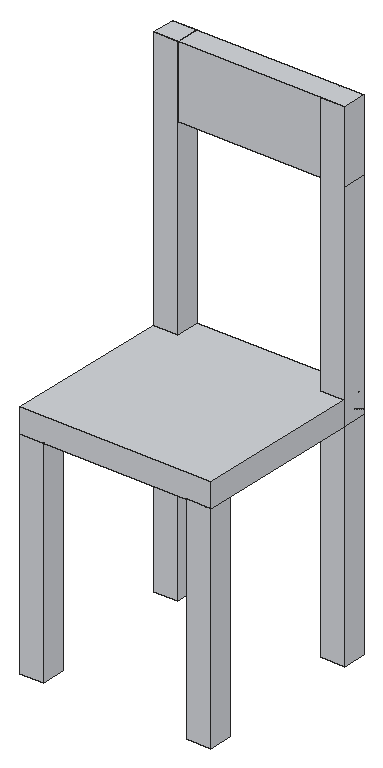
Revit family
Parameters
  Spalliera = 600 mm
  Profondità = 400 mm
  Larghezza [instance] = 400 mm
  Gambe = 50 mm
  Bordo = 150 mm
  Altezza gambe [instance] = 450 mm
Reference planes
  plane 1 "Centro (Fronte/Retro)": y = 0
  plane 2: z = 0
  plane 3 "Centro (Sinistra/Destra)": x = 0
  plane 4: y = 184.683
  plane 5: x = 200
  plane 6: y = -215.317
  plane 7: x = -200
  plane 8: y = 134.683
  plane 9: y = -165.317
  plane 10: x = -150
  plane 11: x = 150
  plane 12: z = 600
  plane 13: z = 450
  plane 14: z = 50
  plane 15: z = -450
Forms (mm)
  Extrusion 1, solid
    sketch origin (0, 0, 0) x (1, 0, 0) y (0, 1, 0)
      loop
        line (-200, 184.683) -> (-200, -215.317) -> (200, -215.317) -> (200, 184.683) -> (-200, 184.683)
    from 0 to 50
  Extrusion 2, solid
    sketch origin (0, 0, 0) x (1, 0, 0) y (0, 1, 0)
      loop
        line (-200, 184.683) -> (-200, 134.683) -> (-150, 134.683) -> (-150, 184.683) -> (-200, 184.683)
      loop
        line (150, 184.683) -> (150, 134.683) -> (200, 134.683) -> (200, 184.683) -> (150, 184.683)
      loop
        line (-200, -165.317) -> (-200, -215.317) -> (-150, -215.317) -> (-150, -165.317) -> (-200, -165.317)
      loop
        line (150, -165.317) -> (150, -215.317) -> (200, -215.317) -> (200, -165.317) -> (150, -165.317)
    from 0 to -450
  Extrusion 3, solid
    sketch origin (0, 0, 0) x (1, 0, 0) y (0, 1, 0)
      loop
        line (-200, 184.683) -> (-200, 134.683) -> (-150, 134.683) -> (-150, 184.683) -> (-200, 184.683)
      loop
        line (150, 184.683) -> (150, 134.683) -> (200, 134.683) -> (200, 184.683) -> (150, 184.683)
    from 0 to 600
  Extrusion 4, solid
    sketch origin (0, 0, 0) x (1, 0, 0) y (0, 0, 1)
      loop
        line (200, 600) -> (-200, 600) -> (-200, 450) -> (200, 450) -> (200, 600)
    from -184.683 to -134.683
Dimensions and locks
  "Gambe": plane 4 to plane 8
  "Gambe": plane 9 to plane 6
  "Gambe": plane 7 to plane 10
  "Gambe": plane 11 to plane 5
  "Larghezza": plane 7 to plane 5
  "Profondità": plane 6 to plane 4
  "Spalliera": level to plane 12
  "Bordo": plane 13 to plane 12
  "Altezza gambe": level to plane 15
  aligned and locked: Extrusion 1 sketch curve to plane 4
  aligned and locked: Extrusion 1 sketch curve to plane 7
  aligned and locked: Extrusion 1 sketch curve to plane 5
  aligned and locked: Extrusion 1 sketch curve to plane 6
  aligned and locked: Extrusion 2 sketch curve to plane 4  (x2)
  aligned and locked: Extrusion 2 sketch curve to plane 10  (x2)
  aligned and locked: plane 8 to Extrusion 2 sketch curve  (x2)
  aligned and locked: Extrusion 2 sketch curve to plane 7  (x2)
  aligned and locked: plane 11 to Extrusion 2 sketch curve  (x2)
  aligned and locked: Extrusion 2 sketch curve to plane 5  (x2)
  aligned and locked: Extrusion 2 sketch curve to plane 9
  aligned and locked: Extrusion 2 sketch curve to plane 6
  aligned and locked: Extrusion 3 sketch curve to plane 7
  aligned and locked: Extrusion 3 sketch curve to plane 10
  aligned and locked: Extrusion 3 sketch curve to plane 4  (x2)
  aligned and locked: plane 8 to Extrusion 3 sketch curve  (x2)
  aligned and locked: plane 11 to Extrusion 3 sketch curve
  aligned and locked: Extrusion 3 sketch curve to plane 5
  aligned and locked: plane 12 to Extrusion 3
  aligned and locked: Extrusion 4 sketch curve to plane 12
  aligned and locked: Extrusion 4 sketch curve to plane 5
  aligned and locked: Extrusion 4 sketch curve to plane 7
  aligned and locked: plane 13 to Extrusion 4 sketch curve
  aligned and locked: plane 4 to Extrusion 4
  aligned and locked: Extrusion 2 to plane 15
  aligned and locked: plane 15 to Extrusion 2
Automatic sketch dimensions
  Extrusion 2 sketch curve to plane 9 = 0 mm
  Extrusion 2 sketch curve to plane 6 = 0 mm
